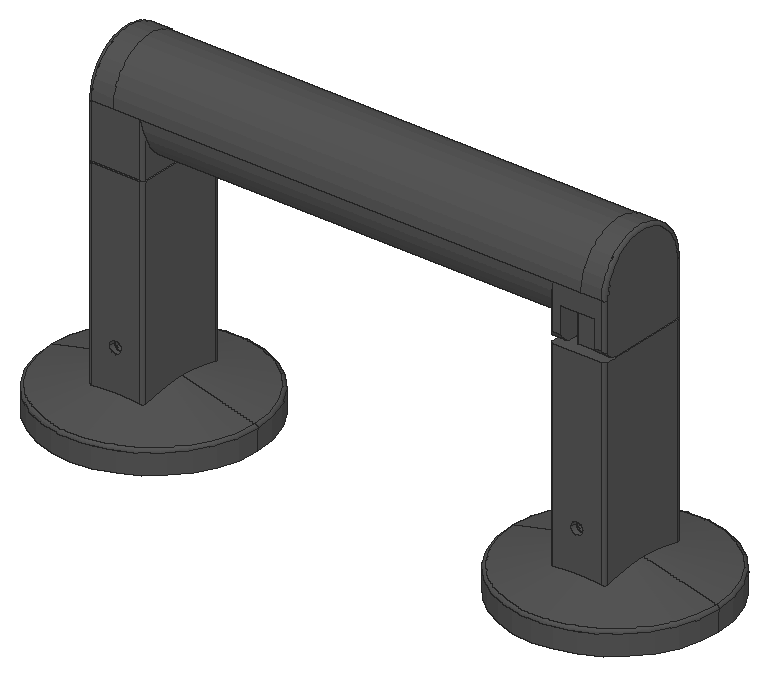
Revit family "Accessory-Tissue_Holder-KOHLER-Components-K-78382BR_1", category Specialty Equipment, host Face, Revit 2021
Family settings
  Host = Face
  Round Connector Dimension = Use Diameter
  Part Type = Normal
  OmniClass Number = 23.31.25.21
  OmniClass Title = Toilet Paper Dispensers
  Cut with Voids When Loaded = No
  Shared = No
  Room Calculation Point = No
Parameters (values of type "BL-Matte Black")
  Width = 3.8189"  # constant formula
  WaterSense Certified = 1 = 0  # no
  URL = "https://br.kohler.com/"
  Type = 1
  Product Page URL = ""
  Product Name = "Components"  # constant formula
  Product Documentation Link = ""
  Model = if(Type = 1, "K-78382BR-BL", if(Type = 2, "K-78382BR-BN", if(Type = 3, "K-78382BR-CP", if(Type = 4, "K-78382BR-RGD", "NA"))))  # "K-78382BR-BL"
  Material = "Premium Metal Construction"  # constant formula
  Master Format 2014 Name = "Toilet, Bath, and Laundry Accessories"  # constant formula
  Master Format 2014 = "10 28 00"  # constant formula
  Manufacturer Address = "Rio de Janeiro MULTIREPAROS RUA BATISTA DA COSTA, Nº 352 | STORE B Rio de Janeiro SÃO GONÇALO 24450-470"  # constant formula
  Manufacturer = "Kohler Co."  # constant formula
  Length = 7.59618"  # constant formula
  Height = 2.3622"  # constant formula
  Finish = Kohler-Metal-BL-Matte_Black
  Environmental Product Declaration = ""
  Description = "Pivoting Tissue Assembly"  # constant formula
  Default Elevation = 42"
  Declare Label = ""
  Date Modified = "09/29/2022"  # constant formula
  Date Created = "09/29/2022"  # constant formula
  Copyright = "Copyright Kohler Co."  # constant formula
  Contact Us = "https://br.kohler.com/asr-listing"
  Assembly Code = "C1030200"
  ADA Compliant = 1 = 0  # no
Types (5): name | Type | Model | Finish
  (no name) | 1 | "K-78382BR-BL" | Kohler-Metal-BL-Matte_Black
  BL-Matte Black | 1 | "K-78382BR-BL" | Kohler-Metal-BL-Matte_Black
  BN-Vibrant Brushed Nickel | 2 | "K-78382BR-BN" | Kohler-Metal-BN-Vibrant_Brushed_Nickel
  CP-Polished Chrome | 3 | "K-78382BR-CP" | Kohler-Metal-CP-Polished_Chrome
  RGD-Polished Rose Gold | 4 | "K-78382BR-RGD" | Kohler-Metal-RGD-Polished_Rose_Gold
Reference planes (in)
  plane 1 "Center (Front/Back)": y = 0
  plane 2: z = 0
  plane 3 "Center (Left/Right)": x = 0
  plane 4: x = 2.61811
  plane 5: x = 3.7981
  plane 6: x = 1.43701
  plane 7: x = 2.99213
  plane 8: x = 2.24409
  plane 9: z = 3.8189
  plane 10: z = 2.83465
  plane 11: x = -2.61811
  plane 12: x = -3.79808
  plane 13: x = -1.43701
  plane 14: x = -2.99213
  plane 15: x = -2.24409
  plane 16: y = -1.18107
  plane 17: y = -0.53601
  plane 18: y = 1.18113
  plane 19: y = 0.53601
Dimensions and locks (in)
  "Height": plane 18 to plane 16
  plane 11 to plane 4 = 5.23622"
  "Width": level to plane 9
  "Length": plane 12 to plane 5
  aligned and locked: plane 2 to host face
  aligned and locked: level to host face
  aligned and locked: plane 3 "Center (Left/Right)" to nested 1
  aligned and locked: plane 1 "Center (Front/Back)" to nested 1
Automatic sketch dimensions
  host sketch curve to host sketch curve = 96"  (x2)
Nested families (in)
  nested 1: "K-78382BR" at (0, 0, 0), type "K-78382BR"
Definition of nested family "K-78382BR"
  Parameters
    Material = none
    Default Elevation = 0"
  Reference planes (in)
    plane 1 "Center (Front/Back)": y = 0
    plane 2: z = 0
    plane 3 "Center (Left/Right)": x = 0
    plane 4: x = -2.61811
    plane 5: x = 2.61811
    plane 6: x = -1.43701
    plane 7: x = 1.43701
    plane 8: z = 2.83465
    plane 9: x = -2.99213
    plane 10: x = -2.24409
    plane 11: x = 2.24409
    plane 12: x = 2.99213
    plane 13: z = 3.8189
    plane 14: y = 0.5315
    plane 15: y = -0.5315
    plane 16 "1": z = 2.6543
    plane 17: y = -1.18107
    plane 18: x = 3.7981
    plane 19: x = -3.7981
    plane 20: y = 1.18099
  Forms (in)
    Revolve 1, solid, material <- "Material", detail levels medium+fine
      sketch origin (0, 0, 0) x (1, 0, 0) y (0, 0, 1)
        loop
          line (-3.79921, 0) -> (-2.61811, 0) -> (-2.61811, 0.5419) -> (-3.769, 0.26659)
          arc (-3.769, 0.26659) -> (-3.79075, 0.25269) -> (-3.79921, 0.2283) r 0.03937
          line (-3.79921, 0.2283) -> (-3.79921, 0)
        axis (-2.61811, 0.5419) -> (-2.61811, 0)
      angle from 0 to 360
    Extrusion 2, void
      sketch origin (0, 0, 0) x (1, 0, 0) y (0, 0, 1)
        loop
          line (2.61788, 0.93068) -> (2.56867, 0.90227) -> (2.56867, 0.84544) -> (2.61788, 0.81703) -> (2.66709, 0.84544) -> (2.66709, 0.90227) -> (2.61788, 0.93068)
      from 0.42023 to 0.91655
    Revolve 3, solid, material <- "Material", detail levels medium+fine
      sketch origin (0, 0, 0) x (-1, 0, 0) y (0, 0, -1)
        loop
          line (-3.79921, 0) -> (-3.79921, -0.2283)
          arc (-3.79921, -0.2283) -> (-3.79075, -0.25269) -> (-3.769, -0.26659) r 0.03937
          line (-3.769, -0.26659) -> (-2.61811, -0.5419) -> (-2.61811, 0) -> (-3.79921, 0)
        axis (-2.61811, -0.5419) -> (-2.61811, 0)
      angle from 0 to 360
    Extrusion 4, solid, material <- "Material", detail levels medium+fine
      sketch origin (0, 0, 0) x (0, 1, 0) y (0, 0, 1)
        loop
          circle (0, 3.28265) r 0.53616
      from -2.65445 to 2.66039
    Extrusion 5, solid, material <- "Material", detail levels coarse
      sketch origin (0, 0, 0) x (1, 0, 0) y (0, 1, 0)
        loop
          circle (-2.61811, 0) r 1.1811
      from 0 to 0.46712
    Extrusion 6, solid, material <- "Material", detail levels coarse
      sketch origin (0, 0, 0) x (0, 1, 0) y (0, 0, 1)
        loop
          arc (0.53599, 3.28265) -> (0, 3.81864) -> (-0.53599, 3.28265) r 0.53599
          line (-0.53599, 3.28265) -> (-0.53599, 0.34724) -> (0.53599, 0.34724) -> (0.53599, 3.28265)
      from -2.9307 to -2.30552
    Extrusion 7, solid, material <- "Material", detail levels coarse
      sketch origin (0, 0, 0) x (0, 1, 0) y (0, 0, 1)
        loop
          circle (0, 3.28265) r 0.53599
      from -2.30552 to 2.31466
    Extrusion 8, solid, material <- "Material", detail levels coarse
      sketch origin (0, 0, 0) x (-1, 0, 0) y (0, -1, 0)
        loop
          circle (-2.61811, 0) r 1.1811
      from 0 to 0.46712
    Extrusion 9, solid, material <- "Material", detail levels coarse
      sketch origin (0, 0, 0) x (0, 1, 0) y (0, 0, -1)
        loop
          line (0.53599, -3.28265) -> (0.53599, -0.34724) -> (-0.53599, -0.34724) -> (-0.53599, -3.28265)
          arc (-0.53599, -3.28265) -> (0, -3.81864) -> (0.53599, -3.28265) r 0.53599
      from -2.9307 to -2.31466
    Extrusion 10, void
      sketch origin (0, 0, 0) x (1, 0, 0) y (0, 0, 1)
        loop
          circle (2.61811, 0.87386) r 0.0694
      from 0.4737 to 0.63379
    Sweep 11, solid, material <- "Material", detail levels medium+fine
      path origin (0, 0, 0) x (0, 1, 0) y (0, 0, 1)
        loop
          line (-0.53616, 2.6543) -> (-0.53616, 0.32989)
      profile origin (0, -0.53616, 1.4921) x (1, 0, 0) y (0, 1, 0)
        loop
          arc (2.89163, 0) -> (2.91926, 0.01144) -> (2.9307, 0.03906) r 0.03906
          line (2.9307, 0.03906) -> (2.9307, 1.03326)
          arc (2.9307, 1.03326) -> (2.91926, 1.06088) -> (2.89163, 1.07232) r 0.03906
          line (2.89163, 1.07232) -> (2.34548, 1.07232)
          arc (2.34548, 1.07232) -> (2.31723, 1.06062) -> (2.30552, 1.03236) r 0.03996
          line (2.30552, 1.03236) -> (2.30552, 0.03996)
          arc (2.30552, 0.03996) -> (2.31723, 0.0117) -> (2.34548, 0) r 0.03996
          line (2.34548, 0) -> (2.89163, 0)
    Extrusion 12, solid, material <- "Material", detail levels medium+fine
      sketch origin (0, 0, 0) x (1, 0, 0) y (0, 1, 0)
        loop
          line (2.38653, -0.29884) -> (2.82307, -0.29884) -> (2.82307, 0.40518) -> (2.38653, 0.40518) -> (2.38653, -0.29884)
      from 2.64871 to 2.67023
    Sweep 13, solid, material <- "Material", detail levels medium+fine
      path origin (0, 0, 0) x (0, 1, 0) y (0, 0, 1)
        loop
          line (-0.53599, 2.67023) -> (-0.53599, 3.28265)
          arc (-0.53599, 3.28265) -> (0, 3.81864) -> (0.53599, 3.28265) r 0.53599
          line (0.53599, 3.28265) -> (0.53599, 2.67023)
      profile origin (0, 0, 3.81864) x (0, 0, 1) y (1, 0, 0)
        loop
          arc (-0.03889, -2.9307) -> (-0.01127, -2.91926) -> (0.00017, -2.89163) r 0.03906
          line (0.00017, -2.89163) -> (0.00017, -2.34548)
          arc (0.00017, -2.34548) -> (-0.01153, -2.31723) -> (-0.03979, -2.30552) r 0.03996
          line (-0.03979, -2.30552) -> (-0.2072, -2.30552) -> (-0.2072, -2.9307) -> (-0.03889, -2.9307)
        loop
          line (-0.03889, 2.9307) -> (-0.2072, 2.9307) -> (-0.2072, 2.30552) -> (-0.03979, 2.30552)
          arc (-0.03979, 2.30552) -> (-0.01153, 2.31723) -> (0.00017, 2.34548) r 0.03996
          line (0.00017, 2.34548) -> (0.00017, 2.89163)
          arc (0.00017, 2.89163) -> (-0.01127, 2.91926) -> (-0.03889, 2.9307) r 0.03906
    Sweep 14, solid, material <- "Material", detail levels medium+fine
      path origin (0, 0, 0) x (0, 1, 0) y (0, 0, -1)
        loop
          line (-0.53616, -2.6543) -> (-0.53616, -0.32989)
      profile origin (0, -0.53616, 1.4921) x (-1, 0, 0) y (0, -1, 0)
        loop
          line (2.89163, 0) -> (2.34548, 0)
          arc (2.34548, 0) -> (2.31723, -0.0117) -> (2.30552, -0.03996) r 0.03996
          line (2.30552, -0.03996) -> (2.30552, -1.03236)
          arc (2.30552, -1.03236) -> (2.31723, -1.06062) -> (2.34548, -1.07232) r 0.03996
          line (2.34548, -1.07232) -> (2.89163, -1.07232)
          arc (2.89163, -1.07232) -> (2.91926, -1.06088) -> (2.9307, -1.03326) r 0.03906
          line (2.9307, -1.03326) -> (2.9307, -0.03906)
          arc (2.9307, -0.03906) -> (2.91926, -0.01144) -> (2.89163, 0) r 0.03906
    Extrusion 15, solid, material <- "Material", detail levels medium+fine
      sketch origin (0, 0, 0) x (0, 1, 0) y (0, 0, -1)
        loop
          line (0.3288, -2.67023) -> (-0.3288, -2.67023) -> (-0.3288, -3.28265)
          arc (-0.3288, -3.28265) -> (0, -3.61145) -> (0.3288, -3.28265) r 0.3288
          line (0.3288, -3.28265) -> (0.3288, -2.67023)
      from 2.30552 to 2.9307
    Extrusion 16, solid, material <- "Material", detail levels medium+fine
      sketch origin (0, 0, 0) x (-1, 0, 0) y (0, -1, 0)
        loop
          line (2.38653, 0.29912) -> (2.38653, -0.40518) -> (2.82307, -0.40518) -> (2.82307, 0.29912) -> (2.38653, 0.29912)
      from 2.64871 to 2.67023
    Extrusion 17, void
      sketch origin (0, 0, 0) x (-1, 0, 0) y (0, 0, -1)
        loop
          circle (2.61811, -0.87386) r 0.0694
      from 0.4737 to 0.63379
    Extrusion 18, void
      sketch origin (0, 0, 0) x (1, 0, 0) y (0, 0, 1)
        loop
          circle (-2.61811, 0.87386) r 0.0694
      from 0.4737 to 0.63379
    Extrusion 19, void
      sketch origin (0, 0, 0) x (1, 0, 0) y (0, 0, 1)
        loop
          line (-2.66709, 0.90227) -> (-2.66709, 0.84544) -> (-2.61788, 0.81703) -> (-2.56867, 0.84544) -> (-2.56867, 0.90227) -> (-2.61788, 0.93068) -> (-2.66709, 0.90227)
      from 0.42023 to 0.57327
    Extrusion 20, void
      sketch origin (0, 0, 0) x (1, 0, 0) y (0, 0, 1)
        loop
          line (2.43332, 3.07226) -> (2.43332, 2.65875) -> (2.81687, 2.65875) -> (2.81687, 3.07226) -> (2.43332, 3.07226)
      from 0 to 0.82645
    Extrusion 21, void
      sketch origin (0, 0, 0) x (0, 1, 0) y (0, 0, 1)
        loop
          arc (-0.37207, 2.67023) -> (-0.50065, 2.72349) -> (-0.55391, 2.85207) r 0.18184
          line (-0.55391, 2.85207) -> (-0.60913, 2.85207) -> (-0.60913, 2.67023) -> (-0.37207, 2.67023)
      from 2.19669 to 3.00511
    Extrusion 22, solid, material <- "Material", detail levels medium+fine
      sketch origin (0, -0.05844, 0) x (1, 0, 0) y (0, 1, 0)
        loop
          arc (2.52633, -0.07382) -> (2.50406, -0.08304) -> (2.49483, -0.10531) r 0.0315
          line (2.49483, -0.10531) -> (2.49483, -0.31063)
          arc (2.49483, -0.31063) -> (2.50406, -0.3329) -> (2.52633, -0.34212) r 0.0315
          line (2.52633, -0.34212) -> (2.7535, -0.34212)
          arc (2.7535, -0.34212) -> (2.77577, -0.3329) -> (2.785, -0.31063) r 0.0315
          line (2.785, -0.31063) -> (2.785, -0.10531)
          arc (2.785, -0.10531) -> (2.77577, -0.08304) -> (2.7535, -0.07382) r 0.0315
          line (2.7535, -0.07382) -> (2.52633, -0.07382)
      from 2.6543 to 3.11794
    Extrusion 23, solid, material <- "Material", detail levels medium+fine
      sketch origin (0, 0, 0) x (0, 1, 0) y (0, 0, 1)
        loop
          line (0.34833, 2.67023) -> (0.34833, 3.28265)
          arc (0.34833, 3.28265) -> (0, 3.63098) -> (-0.34833, 3.28265) r 0.34833
          line (-0.34833, 3.28265) -> (-0.34833, 2.67023) -> (0.34833, 2.67023)
      from 2.30552 to 2.9307
  Cuts and joins
    Extrusion 17, Extrusion 18, Extrusion 19 cuts Extrusion 5
    Extrusion 17, Extrusion 18, Extrusion 19 cuts Extrusion 6
    Extrusion 17, Extrusion 18, Extrusion 19 cuts Extrusion 7
    Extrusion 17, Extrusion 18, Extrusion 19 cuts Extrusion 8
    Extrusion 17, Extrusion 18, Extrusion 19 cuts Extrusion 9
    joined: Extrusion 5, Extrusion 6, Extrusion 7, Extrusion 8, Extrusion 9
    Extrusion 2, Extrusion 10 cuts Revolve 1
    Extrusion 2, Extrusion 10 cuts Revolve 3
    joined: Revolve 1, Revolve 3
    Extrusion 2, Extrusion 10, Extrusion 17 cuts Sweep 11
    Extrusion 18, Extrusion 19 cuts Sweep 14
    Extrusion 20, Extrusion 21 cuts Extrusion 4
    Extrusion 20, Extrusion 21 cuts Sweep 13
    Extrusion 20, Extrusion 21 cuts Extrusion 15
    Extrusion 20, Extrusion 21 cuts Extrusion 23
    joined: Extrusion 4, Sweep 13, Extrusion 15, Extrusion 23
  Lines and regions (in)
    Masking region 1
      outline origin (0, 0, 0) x (0, 1, 0) y (0, 0, 1)
        loop
          line (-1.1811, 0) -> (1.1811, 0) -> (1.1811, 0.22844)
          arc (1.1811, 0.22844) -> (1.17264, 0.25283) -> (1.15088, 0.26673) r 0.03937
          line (1.15088, 0.26673) -> (0.5315, 0.41463) -> (0.5315, 2.63961)
          arc (0.5315, 2.63961) -> (0.52227, 2.66188) -> (0.5, 2.6711) r 0.0315
          arc (0.5, 2.6711) -> (0.52227, 2.68033) -> (0.5315, 2.7026) r 0.0315
          line (0.5315, 2.7026) -> (0.48648, 3.36441)
          arc (0.48648, 3.36441) -> (0, 3.81893) -> (-0.48648, 3.36441) r 0.48761
          line (-0.48648, 3.36441) -> (-0.5315, 2.7026)
          arc (-0.5315, 2.7026) -> (-0.52227, 2.68033) -> (-0.5, 2.6711) r 0.0315
          arc (-0.5, 2.6711) -> (-0.52227, 2.66188) -> (-0.5315, 2.63961) r 0.0315
          line (-0.5315, 2.63961) -> (-0.5315, 0.41463) -> (-1.15088, 0.26673)
          arc (-1.15088, 0.26673) -> (-1.17264, 0.25283) -> (-1.1811, 0.22844) r 0.03937
          line (-1.1811, 0.22844) -> (-1.1811, 0)
    Masking region 2
      outline origin (0, 0, 0) x (1, 0, 0) y (0, 0, 1)
        loop
          line (3.79921, 0) -> (3.79921, 0.22844)
          arc (3.79921, 0.22844) -> (3.79075, 0.25283) -> (3.76899, 0.26673) r 0.03937
          line (3.76899, 0.26673) -> (2.99213, 0.45224) -> (2.99213, 2.6228)
          arc (2.99213, 2.6228) -> (2.9829, 2.64507) -> (2.96063, 2.6543) r 0.0315
          arc (2.96063, 2.6543) -> (2.9829, 2.66352) -> (2.99213, 2.68579) r 0.0315
          line (2.99213, 2.68579) -> (2.99213, 3.77953)
          arc (2.99213, 3.77953) -> (2.98059, 3.80737) -> (2.95276, 3.8189) r 0.03937
          line (2.95276, 3.8189) -> (-2.95276, 3.8189)
          arc (-2.95276, 3.8189) -> (-2.98059, 3.80737) -> (-2.99213, 3.77953) r 0.03937
          line (-2.99213, 3.77953) -> (-2.99213, 2.68579)
          arc (-2.99213, 2.68579) -> (-2.9829, 2.66352) -> (-2.96063, 2.6543) r 0.0315
          arc (-2.96063, 2.6543) -> (-2.9829, 2.64507) -> (-2.99213, 2.6228) r 0.0315
          line (-2.99213, 2.6228) -> (-2.99213, 0.45224) -> (-3.76899, 0.26673)
          arc (-3.76899, 0.26673) -> (-3.79075, 0.25283) -> (-3.79921, 0.22844) r 0.03937
          line (-3.79921, 0.22844) -> (-3.79921, 0) -> (-1.43701, 0) -> (-1.43701, 0.22844)
          arc (-1.43701, 0.22844) -> (-1.44547, 0.25283) -> (-1.46723, 0.26673) r 0.03937
          line (-1.46723, 0.26673) -> (-2.24409, 0.45224) -> (-2.24409, 2.62093)
          arc (-2.24409, 2.62093) -> (-2.25387, 2.64452) -> (-2.27747, 2.6543) r 0.03337
          arc (-2.27747, 2.6543) -> (-2.25387, 2.66407) -> (-2.24409, 2.68767) r 0.03337
          line (-2.24409, 2.68767) -> (-2.24409, 2.75591)
          arc (-2.24409, 2.75591) -> (-2.22103, 2.81158) -> (-2.16535, 2.83465) r 0.07874
          line (-2.16535, 2.83465) -> (2.16535, 2.83465)
          arc (2.16535, 2.83465) -> (2.22103, 2.81158) -> (2.24409, 2.75591) r 0.07874
          line (2.24409, 2.75591) -> (2.24409, 2.68767)
          arc (2.24409, 2.68767) -> (2.25387, 2.66407) -> (2.27747, 2.6543) r 0.03337
          arc (2.27747, 2.6543) -> (2.25387, 2.64452) -> (2.24409, 2.62093) r 0.03337
          line (2.24409, 2.62093) -> (2.24409, 0.45224) -> (1.46723, 0.26673)
          arc (1.46723, 0.26673) -> (1.44547, 0.25283) -> (1.43701, 0.22844) r 0.03937
          line (1.43701, 0.22844) -> (1.43701, 0) -> (3.79921, 0)
    Masking region 3
      outline origin (0, 0, 0) x (1, 0, 0) y (0, 1, 0)
        loop
          arc (-1.56564, 0.53601) -> (-3.79921, -0.00001) -> (-1.56563, -0.536) r 1.1811
          line (-1.56563, -0.536) -> (1.56563, -0.536)
          arc (1.56563, -0.536) -> (3.79921, -0.00001) -> (1.56564, 0.53601) r 1.1811
          line (1.56564, 0.53601) -> (-1.56564, 0.53601)
    symbolic lines, detail levels medium+fine
      curve 1: line (3.76899, 0, 0.26673) -> (1.46723, 0, 0.26673)
      curve 2: line (3.79921, 0, 0.22844) -> (1.43701, 0, 0.22844)
      curve 3: line (2.99213, 0, 0.46712) -> (2.99213, 0, 0.40709)
      curve 4: line (2.24409, 0, 0.46712) -> (2.24409, 0, 0.40709)
      curve 5: arc (2.96954, 0, 0.38762) -> (2.61811, 0, 0.41364) -> (2.26668, 0, 0.38762) r 2.38571
      curve 6: line (-3.76899, 0, 0.26673) -> (-1.46723, 0, 0.26673)
      curve 7: line (-3.79921, 0, 0.22844) -> (-1.43701, 0, 0.22844)
      curve 8: line (0, -1.15088, 0.26673) -> (0, 1.15088, 0.26673)
      curve 9: line (0, -1.1811, 0.22844) -> (0, 1.1811, 0.22844)
      curve 10: spline (0, -0.5315, 0.39689) -> (0, -0.52965, 0.39692) -> (0, -0.52752, 0.39702) -> (0, -0.52514, 0.39719) -> (0, -0.52252, 0.39744) -> (0, -0.51969, 0.39775) -> (0, -0.51667, 0.39814) -> (0, -0.51348, 0.39858) -> (0, -0.51016, 0.39909) -> (0, -0.50673, 0.39966) -> (0, -0.50322, 0.40027) -> (0, -0.49966, 0.40094) -> (0, -0.49608, 0.40164)
      curve 11: arc (0, -0.49608, 0.40164) -> (0, -0.24961, 0.44622) -> (0, 0, 0.46712) r 2.62636
      curve 12: arc (0, 0, 0.46712) -> (0, 0.24958, 0.44622) -> (0, 0.49604, 0.40165) r 2.62636
      curve 13: spline (0, 0.49604, 0.40165) -> (0, 0.49962, 0.40092) -> (0, 0.50319, 0.40024) -> (0, 0.5067, 0.39961) -> (0, 0.51013, 0.39903) -> (0, 0.51346, 0.39851) -> (0, 0.51665, 0.39805) -> (0, 0.51967, 0.39766) -> (0, 0.52251, 0.39734) -> (0, 0.52513, 0.39709) -> (0, 0.52752, 0.39692) -> (0, 0.52964, 0.39683) -> (0, 0.5315, 0.39681)
      curve 14: line (0, 0.5315, 0.41356) -> (0, 0.5315, 0.39681)
      curve 15: line (0, -0.5315, 0.41356) -> (0, -0.5315, 0.39689)
      curve 16: line (-1.56564, 0.53601, 0) -> (-2.89416, 0.53601, 0)
      curve 17: line (-2.9307, -0.4962, 0) -> (-2.9307, 0.4962, 0)
      curve 18: arc (-2.89416, 0.53601, 0) -> (-2.92018, 0.52322, 0) -> (-2.9307, 0.4962, 0) r 0.03996
      curve 19: line (-1.56564, -0.53601, 0) -> (-2.89416, -0.53601, 0)
      curve 20: arc (-2.89416, -0.53601, 0) -> (-2.92018, -0.52322, 0) -> (-2.9307, -0.4962, 0) r 0.03996
      curve 21: arc (-2.95567, 0.58786, 0) -> (-2.98169, 0.57506, 0) -> (-2.99221, 0.54804, 0) r 0.03996
      curve 22: line (-2.95567, 0.58786, 0) -> (-2.34206, 0.58786, 0)
      curve 23: arc (-2.34206, 0.58786, 0) -> (-2.31227, 0.57026, 0) -> (-2.30738, 0.53601, 0) r 0.03996
      curve 24: arc (-2.95567, -0.58786, 0) -> (-2.98169, -0.57506, 0) -> (-2.99221, -0.54804, 0) r 0.03996
      curve 25: line (-2.95567, -0.58786, 0) -> (-2.34206, -0.58786, 0)
      curve 26: arc (-2.34206, -0.58786, 0) -> (-2.31227, -0.57026, 0) -> (-2.30738, -0.53601, 0) r 0.03996
      curve 27: line (-2.99221, 0.54804, 0) -> (-2.99221, -0.54804, 0)
      curve 28: line (-1.95934, 0.53601, 0) -> (-1.95934, -0.53601, 0)
      curve 29: line (1.56564, 0.53601, 0) -> (2.89416, 0.53601, 0)
      curve 30: line (2.9307, -0.4962, 0) -> (2.9307, 0.4962, 0)
      curve 31: arc (2.89416, 0.53601, 0) -> (2.92018, 0.52322, 0) -> (2.9307, 0.4962, 0) r 0.03996
      curve 32: line (1.56564, -0.53601, 0) -> (2.89416, -0.53601, 0)
      curve 33: arc (2.89416, -0.53601, 0) -> (2.92018, -0.52322, 0) -> (2.9307, -0.4962, 0) r 0.03996
      curve 34: arc (2.95567, 0.58786, 0) -> (2.98169, 0.57506, 0) -> (2.99221, 0.54804, 0) r 0.03996
      curve 35: line (2.95567, 0.58786, 0) -> (2.34206, 0.58786, 0)
      curve 36: arc (2.34206, 0.58786, 0) -> (2.31227, 0.57026, 0) -> (2.30738, 0.53601, 0) r 0.03996
      curve 37: arc (2.95567, -0.58786, 0) -> (2.98169, -0.57506, 0) -> (2.99221, -0.54804, 0) r 0.03996
      curve 38: line (2.95567, -0.58786, 0) -> (2.34206, -0.58786, 0)
      curve 39: arc (2.34206, -0.58786, 0) -> (2.31227, -0.57026, 0) -> (2.30738, -0.53601, 0) r 0.03996
      curve 40: line (2.99221, 0.54804, 0) -> (2.99221, -0.54804, 0)
      curve 41: line (1.95934, 0.53601, 0) -> (1.95934, -0.53601, 0)
      curve 42: arc (-1.60111, 0.53601, 0) -> (-3.14699, 1.02073, 0) -> (-3.64251, -0.52172, 0) r 1.14961
      curve 43: arc (-3.64251, -0.52172, 0) -> (-2.62616, -1.14958, 0) -> (-1.60111, -0.53601, 0) r 1.14961
      curve 44: arc (-2.9307, 0.4962, 0) -> (-2.99221, 0, 0) -> (-2.9307, -0.4962, 0) r 2.03199
      curve 45: arc (-2.89416, 0.53601, 0) -> (-2.60077, 0.58828, 0) -> (-2.30738, 0.53601, 0) r 0.84964
      curve 46: arc (-2.89416, -0.53601, 0) -> (-2.60077, -0.58796, 0) -> (-2.30738, -0.53601, 0) r 0.85446
      curve 47: arc (1.60111, 0.53601, 0) -> (3.14699, 1.02073, 0) -> (3.64251, -0.52172, 0) r 1.14961
      curve 48: arc (3.64251, -0.52172, 0) -> (2.62616, -1.14958, 0) -> (1.60111, -0.53601, 0) r 1.14961
      curve 49: arc (2.9307, 0.4962, 0) -> (2.99221, 0, 0) -> (2.9307, -0.4962, 0) r 2.03199
      curve 50: arc (2.89416, 0.53601, 0) -> (2.60077, 0.58828, 0) -> (2.30738, 0.53601, 0) r 0.84964
      curve 51: arc (2.89416, -0.53601, 0) -> (2.60077, -0.58796, 0) -> (2.30738, -0.53601, 0) r 0.85446
      curve 52: arc (2.99213, 0, 0.40709) -> (2.98529, 0, 0.39218) -> (2.96954, 0, 0.38762) r 0.01969
      curve 53: arc (2.26668, 0, 0.38762) -> (2.25093, 0, 0.39218) -> (2.24409, 0, 0.40709) r 0.01969
      curve 54: line (2.99213, 0, 0.45224) -> (2.89696, 0, 0.39729)
      curve 55: line (2.96063, 0, 2.6543) -> (2.27747, 0, 2.6543)
      curve 56: line (2.24409, 0, 2.68767) -> (2.99207, 0, 2.68767)
      curve 57: line (2.99213, 0, 2.6228) -> (2.24415, 0, 2.6228)
      curve 58: line (2.92156, 0, 0.39426) -> (2.92156, 0, 2.6228)
      curve 59: line (2.99213, 0, 3.35005) -> (2.31466, 0, 3.35005)
      curve 60: arc (2.97561, 0, 3.81158) -> (2.93512, 0, 3.58239) -> (2.92156, 0, 3.35005) r 1.99767
      curve 61: line (2.96871, 0, 0.38774) -> (2.96871, 0, 2.6228)
      curve 62: arc (2.96871, 0, 3.34402) -> (2.97457, 0, 3.497) -> (2.99213, 0, 3.64907) r 1.99881
      curve 63: line (2.92156, 0, 2.68767) -> (2.92156, 0, 3.35005)
      curve 64: line (2.96871, 0, 2.68767) -> (2.96871, 0, 3.34402)
      curve 65: line (2.31466, 0, 0.39426) -> (2.31466, 0, 2.6228)
      curve 66: line (2.26751, 0, 0.38774) -> (2.26751, 0, 2.6228)
      curve 67: line (2.31466, 0, 2.68767) -> (2.31466, 0, 3.35005)
      curve 68: arc (2.17296, 0, 2.83416) -> (2.19751, 0, 2.98351) -> (2.25093, 0, 3.12513) r 0.7665
      curve 69: line (2.25093, 0, 3.12513) -> (2.31466, 0, 3.35005)
      curve 70: arc (2.24409, 0, 2.75591) -> (2.29041, 0, 2.90118) -> (2.31466, 0, 3.05172) r 1.02521
      curve 71: line (2.26751, 0, 2.68767) -> (2.26751, 0, 2.82011)
      curve 72: line (2.24409, 0, 0.45224) -> (2.33926, 0, 0.39729)
      curve 73: line (2.61811, 0, 0.26673) -> (2.61811, 0, 0)
      curve 74: line (1.94539, 0, 2.83465) -> (1.94539, 0, 3.8189)
      curve 75: line (-2.99213, 0, 0.46712) -> (-2.99213, 0, 0.40709)
      curve 76: line (-2.24409, 0, 0.46712) -> (-2.24409, 0, 0.40709)
      curve 77: arc (-2.96954, 0, 0.38762) -> (-2.61811, 0, 0.41364) -> (-2.26668, 0, 0.38762) r 2.38571
      curve 78: arc (-2.99213, 0, 0.40709) -> (-2.98529, 0, 0.39218) -> (-2.96954, 0, 0.38762) r 0.01969
      curve 79: arc (-2.26668, 0, 0.38762) -> (-2.25093, 0, 0.39218) -> (-2.24409, 0, 0.40709) r 0.01969
      curve 80: line (-2.99213, 0, 0.45224) -> (-2.89696, 0, 0.39729)
      curve 81: line (-2.96063, 0, 2.6543) -> (-2.27747, 0, 2.6543)
      curve 82: line (-2.24409, 0, 2.68767) -> (-2.99207, 0, 2.68767)
      curve 83: line (-2.99213, 0, 2.6228) -> (-2.24415, 0, 2.6228)
      curve 84: line (-2.92156, 0, 0.39426) -> (-2.92156, 0, 2.6228)
      curve 85: line (-2.99213, 0, 3.35005) -> (-2.31466, 0, 3.35005)
      curve 86: arc (-2.97561, 0, 3.81158) -> (-2.93512, 0, 3.58239) -> (-2.92156, 0, 3.35005) r 1.99767
      curve 87: line (-2.96871, 0, 0.38774) -> (-2.96871, 0, 2.6228)
      curve 88: arc (-2.96871, 0, 3.34402) -> (-2.97457, 0, 3.497) -> (-2.99213, 0, 3.64907) r 1.99881
      curve 89: line (-2.92156, 0, 2.68767) -> (-2.92156, 0, 3.35005)
      curve 90: line (-2.96871, 0, 2.68767) -> (-2.96871, 0, 3.34402)
      curve 91: line (-2.31466, 0, 0.39426) -> (-2.31466, 0, 2.6228)
      curve 92: line (-2.26751, 0, 0.38774) -> (-2.26751, 0, 2.6228)
      curve 93: line (-2.31466, 0, 2.68767) -> (-2.31466, 0, 3.35005)
      curve 94: arc (-2.17296, 0, 2.83416) -> (-2.19751, 0, 2.98351) -> (-2.25093, 0, 3.12513) r 0.7665
      curve 95: line (-2.25093, 0, 3.12513) -> (-2.31466, 0, 3.35005)
      curve 96: arc (-2.24409, 0, 2.75591) -> (-2.29041, 0, 2.90118) -> (-2.31466, 0, 3.05172) r 1.02521
      curve 97: line (-2.26751, 0, 2.68767) -> (-2.26751, 0, 2.82011)
      curve 98: line (-2.24409, 0, 0.45224) -> (-2.33926, 0, 0.39729)
      curve 99: line (-2.61811, 0, 0.26673) -> (-2.61811, 0, 0)
      curve 100: line (-1.94539, 0, 2.83465) -> (-1.94539, 0, 3.8189)
      curve 101: line (0, 0.5, 2.6711) -> (0, -0.5, 2.6711)
      curve 102: line (0, 0.5315, 2.7026) -> (0, -0.5315, 2.7026)
      curve 103: line (0, 0.5315, 2.63961) -> (0, -0.5315, 2.63961)
      curve 104: line (0, 0.48648, 3.36441) -> (0, 0.48648, 2.7026)
      curve 105: line (0, 0.5129, 2.97602) -> (0, 0.5129, 2.7026)
      curve 106: line (0, 0.48648, 2.63961) -> (0, 0.48648, 0.40383)
      curve 107: line (0, 0.5129, 2.63961) -> (0, 0.5129, 0.39859)
      curve 108: arc (0, 0.48648, 2.75826) -> (0, 0.45718, 2.71551) -> (0, 0.40699, 2.7026) r 0.07373
      curve 109: line (0, -0.48648, 3.36441) -> (0, -0.48648, 2.7026)
      curve 110: line (0, -0.5129, 2.97602) -> (0, -0.5129, 2.7026)
      curve 111: line (0, -0.48648, 2.63961) -> (0, -0.48648, 0.40383)
      curve 112: line (0, -0.5129, 2.63961) -> (0, -0.5129, 0.39867)
      curve 113: arc (0, -0.48648, 2.75826) -> (0, -0.45718, 2.71551) -> (0, -0.40699, 2.7026) r 0.07373
  Dimensions and locks (in)
    locked: plane 5 to plane 4 at 5.23622
    locked: level to plane 13 at 3.8189
    locked: level to plane 8 at 2.83465
    locked: plane 14 to plane 15 at 1.06299
    locked: plane 13 to level at 3.8189
    aligned and locked: plane 2 to level
